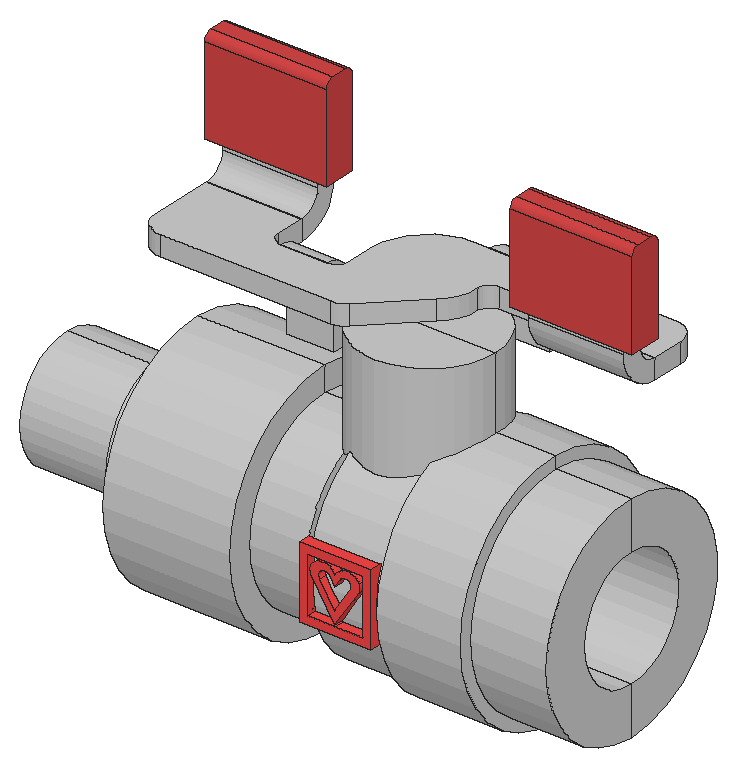
Revit family "HERZ Ball valve with T-handle (sheet steel) 2211", category Rohrzubehör, Revit 2018
Family settings
  Bemaßung runder Anschluss = Durchmesser verwenden
  Teiletyp = Unterbricht
  OmniClass-Nummer = 23.65.55.14
  OmniClass-Titel = Valves for Liquid Services
  Arbeitsebenenbasiert = Nein
  Immer vertikal = Ja
  Beim Laden mit Abzugskörper schneiden = Nein
  Gemeinsam genutzt = Nein
Parameters
  Weight [instance] = if(Nennweite = 15.000 mm, 0.23, if(Nennweite = 20.000 mm, 0.382, if(Nennweite = 25.000 mm, 0.669, if(Nennweite = 32.000 mm, 1.022, 0))))  # 0.23
  Spindle seals = "PTFE"  # constant formula
  Spindle = "machined brass according to EN 12164, CW614N"  # constant formula
  Part number [instance] = size_lookup("2211_3X_", "Artnr", 0, Nennweite)  # 1221131
  Min. operating temperature (water) = 0.5 °C  # constant formula
  Min. operating temperature = -30 °C  # constant formula
  Medium = "Heating water quality according to ÖNORM H5195 or VDI-Standard 2035.\r\nThe use of ethylene or propylene glycol in a mixing ratio 25- 50% is allowed."
  Max. operating temperature (water - no steam) = 110 °C  # constant formula
  Max. operating pressure (screw connection) = 1600000.0 Pa  # constant formula
  W01 = 135.00°  # constant formula
  VRL02 [instance] = size_lookup("2211_3X_", "VRL2", 1.000 mm, Nennweite)  # 16.500 mm
  VRL01 [instance] = size_lookup("2211_3X_", "VRL1", 1.000 mm, Nennweite)  # 16.000 mm
  VRD02 [instance] = size_lookup("2211_3X_", "VRD2", 1.000 mm, Nennweite)  # 15.000 mm
  VRD01 [instance] = size_lookup("2211_3X_", "VRD1", 1.000 mm, Nennweite)  # 10.500 mm
  URL = "www.herzvalves.com"
  SCRNSEQ = "ARM;ARM_TYP=\"ABVS\";2"
  SCRNCODE = "05;10;02"  # constant formula
  S04 [instance] = L07 + VRL01 + VRL02  # 45.600 mm
  S03 = 10.000 mm  # constant formula
  S02 [instance] = 2 * D01  # 19.050 mm
  S01 [instance] = L01 + L02 + L06  # 47.100 mm
  R01 [instance] = size_lookup("2211_3X_", "R1", 1.000 mm, Nennweite)  # 8.500 mm
  Nennweite [instance] = 15.000 mm
  Max. operating temperature = 150 °C  # constant formula
  Max. operating pressure = 2500000.0 Pa  # constant formula
  L07 [instance] = L01 - L03  # 13.100 mm
  L06 [instance] = size_lookup("2211_3X_", "L6", 1.000 mm, Nennweite)  # 9.600 mm
  L05 [instance] = size_lookup("2211_3X_", "L5", 1.000 mm, Nennweite)  # 19.900 mm
  L04 [instance] = size_lookup("2211_3X_", "L4", 1.000 mm, Nennweite)  # 10.500 mm
  L03 [instance] = size_lookup("2211_3X_", "L3", 1.000 mm, Nennweite)  # 8.400 mm
  L02 [instance] = size_lookup("2211_3X_", "L2", 1.000 mm, Nennweite)  # 16.000 mm
  L01 [instance] = size_lookup("2211_3X_", "L1", 1.000 mm, Nennweite)  # 21.500 mm
  Internal threaded connectors = "according to ISO 228-1"  # constant formula
  IG [instance] = Nennweite / 2  # 7.500 mm
  Hersteller = "HERZ Armaturen Ges.m.b.H"  # constant formula
  Handle = "T-handle, red, sheet steel - plated"  # constant formula
  H01 [instance] = size_lookup("2211_3X_", "H1", 1.000 mm, Nennweite)  # 24.000 mm
  GT1 [instance] = size_lookup("2211_3X_", "GT1", 1.000 mm, Nennweite)  # 10.000 mm
  GT [instance] = size_lookup("2211_3X_", "GT", 1.000 mm, Nennweite)  # 13.200 mm
  Seals (screw connection) DN32-DN50 = "KLINGER (flat sealing)"  # constant formula
  Seals (screw connection) DN15-DN25 = "EPDM (O-Ring)"  # constant formula
  Field of application = "HERZ ball valves have to be used as shut off elements.\r\nField of application are building services, such as heating or chilled water plants.\r\nBall valves are used wherever the medium flow has to be reliably closed.\r\nBall valve should not be used as regulating element so it has to be fully opened or fully closed (the handle should not be in intermediate position)."
  DN25-DN32 [instance] = if(Nennweite = 25.000 mm, 38.000 mm, 43.000 mm)  # 43.000 mm
  DN25+DN32 [instance] = or(Nennweite = 25.000 mm, Nennweite = 32.000 mm)  # no
  DN15-DN20 [instance] = if(Nennweite = 15.000 mm, 28.000 mm, 31.000 mm)  # 28.000 mm
  DN15+DN20 [instance] = or(Nennweite = 15.000 mm, Nennweite = 20.000 mm)  # yes
  D05 [instance] = size_lookup("2211_3X_", "D5", 1.000 mm, Nennweite)  # 13.500 mm
  D04 [instance] = size_lookup("2211_3X_", "D4", 1.000 mm, Nennweite)  # 14.000 mm
  D03 [instance] = size_lookup("2211_3X_", "D3", 1.000 mm, Nennweite)  # 15.000 mm
  D02 [instance] = size_lookup("2211_3X_", "D2", 1.000 mm, Nennweite)  # 12.000 mm
  D01 [instance] = size_lookup("2211_3X_", "D1", 1.000 mm, Nennweite)  # 9.525 mm
  Body = "forged brass according to EN 12165, nickel plated, CW617N"  # constant formula
  External threaded connectors = "according to ISO 7-1"  # constant formula
  Ball seals = "PTFE"  # constant formula
  Ball = "forged brass according to EN 12165, hollow, full bore, hard chrome plated, CW617N"  # constant formula
  Application = "HERZ ball valve MODUL is designed for building services such as heating and chilled water plants.\r\nThe operating conditions (temperature, pressure) should be constant."
  AG [instance] = Nennweite / 2  # 7.500 mm
Reference planes
  plane 1 "Mitte (Vorne/hinten)": y = 0
  plane 2: z = 0
  plane 3 "Mitte (Links/rechts)": x = 0
Forms (mm)
  Revolve 1, solid, material "Messing, vernickelt", detail levels fine
    sketch origin (0, 0, 0) x (1, 0, 0) y (0, 0, 1)
      loop
        line (16, 13.5) -> (16, 15) -> (5.5, 15) -> (5.5, 14) -> (-3.9, 14) -> (-5.9, 12) -> (-13.1, 12) -> (-13.1, 9.525) -> (-21.5, 9.525) -> (-21.5, 0) -> (15.6, 0) -> (15.6, 7.5) -> (25.6, 7.5) -> (25.6, 13.5) -> (16, 13.5)
      axis (-21.5, 0) -> (25.6, 0)
    angle from 0 to 360
  Revolve 2, solid, material "Messing, vernickelt", detail levels fine
    sketch origin (0, 0, 0) x (1, 0, 0) y (0, 0, 1)
      loop
        line (0, 0) -> (5.522, 0) -> (5.522, 8.202) -> (8.5, 8.202) -> (8.5, 24) -> (0, 24) -> (0, 0)
      axis (0, 24) -> (0, 0)
    angle from 0 to 360
  Revolve 3, solid, material "Messing, vernickelt", detail levels fine
    sketch origin (0, 0, 0) x (1, 0, 0) y (0, 0, 1)
      loop
        line (-13.1, 9.525) -> (-13.1, 15) -> (-29.1, 15) -> (-29.1, 10.5) -> (-32.4, 10.5) -> (-32.4, 7.5) -> (-45.6, 7.5) -> (-45.6, 0) -> (-21.5, 0) -> (-21.5, 9.525) -> (-13.1, 9.525)
      axis (-45.6, 0) -> (-13.1, 0)
    angle from 0 to 360
Lines and regions (mm)
  model lines, detail levels coarse+medium
    curve 1: line (-23.55, 9.525, 0) -> (-23.55, -9.525, 0)
    curve 2: line (-23.55, -9.525, 0) -> (23.55, 9.525, 0)
    curve 3: line (23.55, 9.525, 0) -> (23.55, -9.525, 0)
    curve 4: line (23.55, -9.525, 0) -> (-23.55, 9.525, 0)
    curve 5: circle (0, 0, 0) r 9.525 normal (0, 0, 1)
    curve 6: line (-23.55, 0, 9.525) -> (-23.55, 0, -9.525)
    curve 7: line (-23.55, 0, -9.525) -> (23.55, 0, 9.525)
    curve 8: line (23.55, 0, 9.525) -> (23.55, 0, -9.525)
    curve 9: line (23.55, 0, -9.525) -> (-23.55, 0, 9.525)
    curve 10: circle (0, 0, 0) r 9.525 normal (0, -1, 0)
    curve 11: line (-23.55, 0, 9.525) -> (-33.55, 0, 9.525)
    curve 12: line (-33.55, 0, 9.525) -> (-23.55, 0, 0)
    curve 13: line (-23.55, 0, -9.525) -> (-33.55, 0, -9.525)
    curve 14: line (-33.55, 0, -9.525) -> (-23.55, 0, 0)
    curve 15: line (-23.55, 0, 0) -> (-45.6, 0, 0)
    curve 16: line (-23.55, 9.525, 0) -> (-33.55, 9.525, 0)
    curve 17: line (-33.55, 9.525, 0) -> (-23.55, 0, 0)
    curve 18: line (-23.55, -9.525, 0) -> (-33.55, -9.525, 0)
    curve 19: line (-33.55, -9.525, 0) -> (-23.55, 0, 0)
    curve 20: line (-23.55, 0, 0) -> (-45.6, 0, 0)
Dimensions and locks
  "L01": Revolve 1 sketch curve to plane 3 "Mitte (Links/rechts)"
  "L02": Revolve 1 sketch curve to plane 3 "Mitte (Links/rechts)"
  "D01": Revolve 1 sketch curve to plane 2
  "D02": Revolve 1 sketch curve to plane 2
  "L03": Revolve 1 sketch curve to Revolve 1 sketch curve
  "R01": Revolve 2 sketch curve to plane 3 "Mitte (Links/rechts)"
  "H01": Revolve 2 sketch curve to plane 2
  "D03": Revolve 1 sketch curve to plane 2
  "D04": Revolve 1 sketch curve to plane 2
  "L04": Revolve 1 sketch curve to Revolve 1 sketch curve
  "L05": Revolve 1 sketch curve to Revolve 1 sketch curve
  "IG": Revolve 1 sketch curve to Revolve 1 sketch curve
  "GT1": Revolve 1 sketch curve to Revolve 1 sketch curve
  "L06": Revolve 1 sketch curve to Revolve 1 sketch curve
  "D05": Revolve 1 sketch curve to Revolve 1 sketch curve
  "D04": nested 1 to plane 1 "Mitte (Vorne/hinten)"
  equal spacing: curve 2, plane 1 "Mitte (Vorne/hinten)", curve 4
  equal spacing: curve 4, plane 1 "Mitte (Vorne/hinten)", curve 3
  "S02": curve 4 to curve 2
  "S02": curve 3 to curve 4
  equal spacing: curve 1, plane 3 "Mitte (Links/rechts)", curve 3
  "S01": curve 1 to curve 3
  "S02": curve 9 to curve 7
  equal spacing: curve 9, plane 2, curve 7
  equal spacing: curve 8, plane 2, curve 9
  "S02": curve 8 to curve 9
  "S01": curve 6 to curve 8
  equal spacing: curve 6, plane 3 "Mitte (Links/rechts)", curve 8
  "AG": Revolve 3 sketch curve to plane 2
  "D01": Revolve 3 sketch curve to Revolve 3 sketch curve
  "L03": Revolve 3 sketch curve to Revolve 3 sketch curve
  "L07": plane 3 "Mitte (Links/rechts)" to Revolve 3 sketch curve
  "VRL01": Revolve 3 sketch curve to Revolve 3 sketch curve
  "VRL02": Revolve 3 sketch curve to Revolve 3 sketch curve
  "GT": Revolve 3 sketch curve to Revolve 3 sketch curve
  "VRD01": Revolve 3 sketch curve to level
  "VRD02": Revolve 3 sketch curve to Revolve 3 sketch curve
  "S04": plane 3 "Mitte (Links/rechts)" to curve 15
  "S03": curve 12 to curve 6
  "S03": curve 17 to curve 1
  "S04": curve 20 to plane 3 "Mitte (Links/rechts)"
  "DN15-DN20": nested 2 to plane 2
  "DN25-DN32": nested 3 to plane 2
  "S02": diameter of curve 5
  "S02": diameter of curve 10
  "W01": angle Revolve 1 sketch curve to Revolve 1 sketch curve
  aligned and locked: level to plane 2
Automatic sketch dimensions
  curve 10 to level = 0.000 mm
  curve 10 to plane 3 "Mitte (Links/rechts)" = 0.000 mm
  curve 15 to level = 0.000 mm
  curve 12 to level = 0.000 mm
  curve 13 to curve 6 = 10.000 mm
  plane 1 "Mitte (Vorne/hinten)" to curve 5 = 0.000 mm
  curve 5 to plane 3 "Mitte (Links/rechts)" = 0.000 mm
  plane 1 "Mitte (Vorne/hinten)" to curve 20 = 0.000 mm
  plane 1 "Mitte (Vorne/hinten)" to curve 19 = 0.000 mm
  curve 18 to curve 1 = 10.000 mm
  Revolve 1 sketch curve to level = 0.000 mm  (x2)
  Revolve 1 sketch curve to Revolve 1 sketch curve = 1481.630 mm
  Revolve 1 sketch curve to Revolve 1 sketch curve = 1814.648 mm
  Revolve 2 sketch curve to level = 0.000 mm
  Revolve 2 sketch curve to plane 3 "Mitte (Links/rechts)" = 0.000 mm  (x2)
  plane 3 "Mitte (Links/rechts)" to Revolve 2 sketch curve = 5.522 mm
  level to Revolve 2 sketch curve = 8.202 mm
  Revolve 2 sketch curve to Revolve 2 sketch curve = 366.045 mm
  Revolve 2 sketch curve to Revolve 2 sketch curve = 2190.315 mm
  Revolve 3 sketch curve to level = 0.000 mm  (x2)
  Revolve 3 sketch curve to Revolve 3 sketch curve = 1461.804 mm
  plane 3 "Mitte (Links/rechts)" to Revolve 3 sketch curve = 1839.148 mm
Nested families
  nested 1: "Herz-Logo-vorne" at (0, -14, 0) x (0, 1, 0) z (0, 0, 1), type "Herz-Logo-vorne", detail levels fine
  nested 2: "Knebelgriff (Blech) DN15-DN20" at (0, 0, 28), visible <- "DN15+DN20", type "Knebelgriff (Blech) DN15-DN20"
  nested 3: "Knebelgriff (Blech) DN25-DN32" at (0, 0, 43), visible <- "DN25+DN32", type "Knebelgriff (Blech) DN25-DN32"
Connectors
  piping at (6.5, 0, 0), diameter 15, driven by "Nennweite"
    settings: on Revolve 1, index 1, connector inside diameter 609.6 mm, connector length 0.000 mm, flow factor 0, pipe flow 0.0 L/s, pressure drop 0.0 Pa, fitting loss kfactor 0, connector angle 0.00°, fixture units 0, engagement length 0.000 mm, angle of deflection 0.00°, flow configuration 0, flow direction 0, fitting loss method 0, system type 7, joint type 0, gender type 0, connector reference index -1, connector utility 0, adjustable connector no, is connector primary yes, connector description ""
  piping at (-45.6, 0, 0), diameter 15, driven by "Nennweite"
    settings: on Revolve 3, index 2, connector inside diameter 609.6 mm, connector length 0.000 mm, flow factor 0, pipe flow 0.0 L/s, pressure drop 0.0 Pa, fitting loss kfactor 0, connector angle 0.00°, fixture units 0, engagement length 0.000 mm, angle of deflection 0.00°, flow configuration 0, flow direction 0, fitting loss method 0, system type 7, joint type 0, gender type 0, connector reference index -1, connector utility 0, adjustable connector no, is connector primary no, connector description ""
Definition of nested family "Herz-Logo-vorne"
  Reference planes
    plane 1 "Mitte (Vorne/hinten)": y = 0
    plane 2: z = 0
    plane 3 "Mitte (Links/rechts)": x = 0
  Forms (mm)
    Extrusion 1, solid
      sketch origin (0.732, -0.018, 0.017) x (0, -1, 0) y (0, 0, 1)
        loop
          line (-0.018, -4.517) -> (4.482, -4.517) -> (4.482, 4.483) -> (-4.518, 4.483) -> (-4.518, -4.517) -> (-0.018, -4.517)
        loop
          line (-0.05, -3.48) -> (3.482, -3.48) -> (3.482, 3.483) -> (-3.518, 3.483) -> (-3.518, -3.48) -> (-0.05, -3.48)
        loop
          arc (-0.018, 2.383) -> (-1.543, 3.287) -> (-3.067, 2.383) r 1.738
          arc (-3.067, 2.383) -> (-3.191, 1.899) -> (-3.067, 1.415) r 1.009
          line (-3.067, 1.415) -> (-0.018, -3.281) -> (3.032, 1.415)
          arc (3.032, 1.415) -> (3.156, 1.899) -> (3.032, 2.383) r 1.009
          arc (3.032, 2.383) -> (1.507, 3.287) -> (-0.018, 2.383) r 1.738
        loop
          arc (1.885, 1.272) -> (2.005, 1.675) -> (1.885, 2.079) r 0.74
          arc (1.885, 2.079) -> (1.265, 2.416) -> (0.644, 2.079) r 0.74
          line (0.644, 2.079) -> (-0.018, 0.97) -> (-0.679, 2.079)
          arc (-0.679, 2.079) -> (-1.3, 2.416) -> (-1.921, 2.079) r 0.74
          arc (-1.921, 2.079) -> (-2.04, 1.675) -> (-1.921, 1.272) r 0.74
          line (-1.921, 1.272) -> (-0.018, -1.658) -> (1.885, 1.272)
      from 0 to 1.5
  Dimensions and locks
    aligned and locked: level to plane 2
Definition of nested family "Knebelgriff (Blech) DN15-DN20"
  Reference planes
    plane 1 "Mitte (Vorne/hinten)": y = 0
    plane 2: z = 0
    plane 3 "Mitte (Links/rechts)": x = 0
  Forms (mm)
    Extrusion 1, solid, detail levels fine
      sketch origin (0, 0, 0) x (1, 0, 0) y (0, 1, 0)
        loop
          line (-7, 0) -> (-7, -3.8)
          arc (-7, -3.8) -> (-7.439, -4.861) -> (-8.5, -5.3) r 1.5
          line (-8.5, -5.3) -> (-14.5, -5.3)
          arc (-14.5, -5.3) -> (-15.561, -4.861) -> (-16, -3.8) r 1.5
          line (-16, -3.8) -> (-16, 0) -> (-28, 0) -> (-28, -8.1)
          arc (-28, -8.1) -> (-27.121, -10.221) -> (-25, -11.1) r 3
          line (-25, -11.1) -> (-3.453, -11.1)
          arc (-3.453, -11.1) -> (-2.496, -10.91) -> (-1.685, -10.368) r 2.5
          line (-1.685, -10.368) -> (4.443, -4.24)
          arc (4.443, -4.24) -> (5.743, -2.295) -> (6.2, 0) r 6
          arc (6.2, 0) -> (6.64, 1.06) -> (7.7, 1.499) r 1.5
          line (7.7, 1.499) -> (15.1, 1.499)
          arc (15.1, 1.499) -> (16.16, 1.06) -> (16.6, 0) r 1.5
          line (16.6, 0) -> (28.6, 0) -> (28.6, 4)
          arc (28.6, 4) -> (27.721, 6.121) -> (25.6, 7) r 3
          line (25.6, 7) -> (0, 7)
          arc (0, 7) -> (-4.95, 4.95) -> (-7, 0) r 7
      from 0 to 2.5
    Extrusion 2, solid, detail levels fine
      sketch origin (0, 0, 0) x (0, 1, 0) y (0, 0, 1)
        loop
          arc (2.5, 5) -> (1.768, 3.232) -> (0, 2.5) r 2.5
          line (0, 2.5) -> (0, 0)
          arc (0, 0) -> (3.536, 1.464) -> (5, 5) r 5
          line (5, 5) -> (5, 6) -> (2.5, 6) -> (2.5, 5)
      from -28 to -16
    Extrusion 3, solid, detail levels fine
      sketch origin (0, 5.3, 0) x (0, 1, 0) y (0, 0, 1)
        loop
          line (-7.8, 5) -> (-7.8, 6) -> (-10.3, 6) -> (-10.3, 5)
          arc (-10.3, 5) -> (-8.836, 1.464) -> (-5.3, 0) r 5
          line (-5.3, 0) -> (-5.3, 2.5)
          arc (-5.3, 2.5) -> (-7.068, 3.232) -> (-7.8, 5) r 2.5
      from 16.6 to 28.6
    Extrusion 4, solid, detail levels fine
      sketch origin (0, 0, 0) x (0, 1, 0) y (0, 0, 1)
        loop
          line (5.75, 6) -> (5.75, 17.041)
          arc (5.75, 17.041) -> (5.469, 17.719) -> (4.791, 18) r 0.959
          line (4.791, 18) -> (2.773, 18)
          arc (2.773, 18) -> (2.05, 17.7) -> (1.75, 16.977) r 1.023
          line (1.75, 16.977) -> (1.75, 6) -> (5.75, 6)
      from -29.7 to -14.3
    Extrusion 5, solid, detail levels fine
      sketch origin (0, 0, 0) x (0, 1, 0) y (0, 0, 1)
        loop
          line (-5.75, 6) -> (-1.75, 6) -> (-1.75, 17)
          arc (-1.75, 17) -> (-2.043, 17.707) -> (-2.75, 18) r 1
          line (-2.75, 18) -> (-4.75, 18)
          arc (-4.75, 18) -> (-5.457, 17.707) -> (-5.75, 17) r 1
          line (-5.75, 17) -> (-5.75, 6)
      from 30.3 to 14.9
    Extrusion 6, solid, detail levels fine
      sketch origin (0, 0, 0) x (0, 1, 0) y (0, 0, 1)
        loop
          line (9, -2) -> (9, -8) -> (11.5, -8) -> (11.5, -2)
          arc (11.5, -2) -> (10.182, 1.182) -> (7, 2.5) r 4.5
          line (7, 2.5) -> (7, 0)
          arc (7, 0) -> (8.414, -0.586) -> (9, -2) r 2
      from 8.1 to 2.1
    Extrusion 7, solid, detail levels fine
      sketch origin (0, 0, 0) x (0, 1, 0) y (0, 0, 1)
        loop
          line (-4.3, -1) -> (-4.3, -8) -> (-1.8, -8) -> (-1.8, -1)
          arc (-1.8, -1) -> (-2.825, 1.475) -> (-5.3, 2.5) r 3.5
          line (-5.3, 2.5) -> (-5.3, 0)
          arc (-5.3, 0) -> (-4.593, -0.293) -> (-4.3, -1) r 1
      from -14.5 to -8.5
  Dimensions and locks
    aligned and locked: level to plane 2
Definition of nested family "Knebelgriff (Blech) DN25-DN32"
  Reference planes
    plane 1 "Mitte (Vorne/hinten)": y = 0
    plane 2: z = 0
    plane 3 "Mitte (Links/rechts)": x = 0
  Forms (mm)
    Extrusion 1, solid, detail levels fine
      sketch origin (0, 0, 0) x (1, 0, 0) y (0, 1, 0)
        loop
          arc (0, 9) -> (-6.364, 6.364) -> (-9, 0) r 9
          line (-9, 0) -> (-9, -4.1)
          arc (-9, -4.1) -> (-9.439, -5.161) -> (-10.5, -5.6) r 1.5
          line (-10.5, -5.6) -> (-20, -5.6)
          arc (-20, -5.6) -> (-21.061, -5.161) -> (-21.5, -4.1) r 1.5
          line (-21.5, -4.1) -> (-21.5, 0) -> (-39.1, 0) -> (-39.1, -10.6)
          arc (-39.1, -10.6) -> (-38.221, -12.721) -> (-36.1, -13.6) r 3
          line (-36.1, -13.6) -> (-10.5, -13.6)
          arc (-10.5, -13.6) -> (-8.037, -13.275) -> (-5.742, -12.323) r 9.5
          line (-5.742, -12.323) -> (0, -9)
          arc (0, -9) -> (2.463, -8.675) -> (4.758, -7.723) r 9.5
          line (4.758, -7.723) -> (16.029, -0.25)
          arc (16.029, -0.25) -> (16.522, 0.291) -> (16.7, 1) r 1.5
          arc (16.7, 1) -> (17.139, 2.061) -> (18.2, 2.5) r 1.5
          line (18.2, 2.5) -> (20.9, 2.5)
          arc (20.9, 2.5) -> (21.961, 2.061) -> (22.4, 1) r 1.5
          line (22.4, 1) -> (22.4, 0) -> (40, 0) -> (40, 7.5)
          arc (40, 7.5) -> (39.121, 9.621) -> (37, 10.5) r 3
          line (37, 10.5) -> (2.1, 10.5) -> (2.1, 9) -> (0, 9)
      from 0 to 3
    Extrusion 2, solid, detail levels fine
      sketch origin (0, 0, 0) x (0, 1, 0) y (0, 0, 1)
        loop
          arc (3, 6) -> (2.121, 3.879) -> (0, 3) r 3
          line (0, 3) -> (0, 0)
          arc (0, 0) -> (4.243, 1.757) -> (6, 6) r 6
          line (6, 6) -> (3, 6)
      from -39.1 to -21.5
    Extrusion 3, solid, detail levels fine
      sketch origin (0, 0, 0) x (0, 1, 0) y (0, 0, 1)
        loop
          arc (0, 3) -> (-2.121, 3.879) -> (-3, 6) r 3
          line (-3, 6) -> (-6, 6)
          arc (-6, 6) -> (-4.243, 1.757) -> (0, 0) r 6
          line (0, 0) -> (0, 3)
      from 22.4 to 40
    Extrusion 4, solid, detail levels fine
      sketch origin (0, 0, 0) x (0, 1, 0) y (0, 0, 1)
        loop
          line (7.5, 6) -> (7.5, 24.5)
          arc (7.5, 24.5) -> (7.061, 25.561) -> (6, 26) r 1.5
          line (6, 26) -> (3, 26)
          arc (3, 26) -> (1.939, 25.561) -> (1.5, 24.5) r 1.5
          line (1.5, 24.5) -> (1.5, 6) -> (7.5, 6)
      from -42.05 to -18.55
    Extrusion 5, solid, detail levels fine
      sketch origin (0, 0, 0) x (0, 1, 0) y (0, 0, 1)
        loop
          line (-7.5, 6) -> (-1.5, 6) -> (-1.5, 24.5)
          arc (-1.5, 24.5) -> (-1.939, 25.561) -> (-3, 26) r 1.5
          line (-3, 26) -> (-6, 26)
          arc (-6, 26) -> (-7.061, 25.561) -> (-7.5, 24.5) r 1.5
          line (-7.5, 24.5) -> (-7.5, 6)
      from 19.45 to 42.95
    Extrusion 6, solid, detail levels fine
      sketch origin (0, 0, 0) x (0, 1, 0) y (0, 0, 1)
        loop
          arc (14, -0.5) -> (12.975, 1.975) -> (10.5, 3) r 3.5
          line (10.5, 3) -> (10.5, 0)
          arc (10.5, 0) -> (10.854, -0.146) -> (11, -0.5) r 0.5
          line (11, -0.5) -> (11, -9) -> (14, -9) -> (14, -0.5)
      from 2.1 to 8.1
    Extrusion 7, solid, detail levels fine
      sketch origin (0, -16.1, 0) x (0, 1, 0) y (0, 0, 1)
        loop
          arc (14, -0.5) -> (12.975, 1.975) -> (10.5, 3) r 3.5
          line (10.5, 3) -> (10.5, 0)
          arc (10.5, 0) -> (10.854, -0.146) -> (11, -0.5) r 0.5
          line (11, -0.5) -> (11, -9) -> (14, -9) -> (14, -0.5)
      from -12 to -18
  Dimensions and locks
    aligned and locked: level to plane 2
